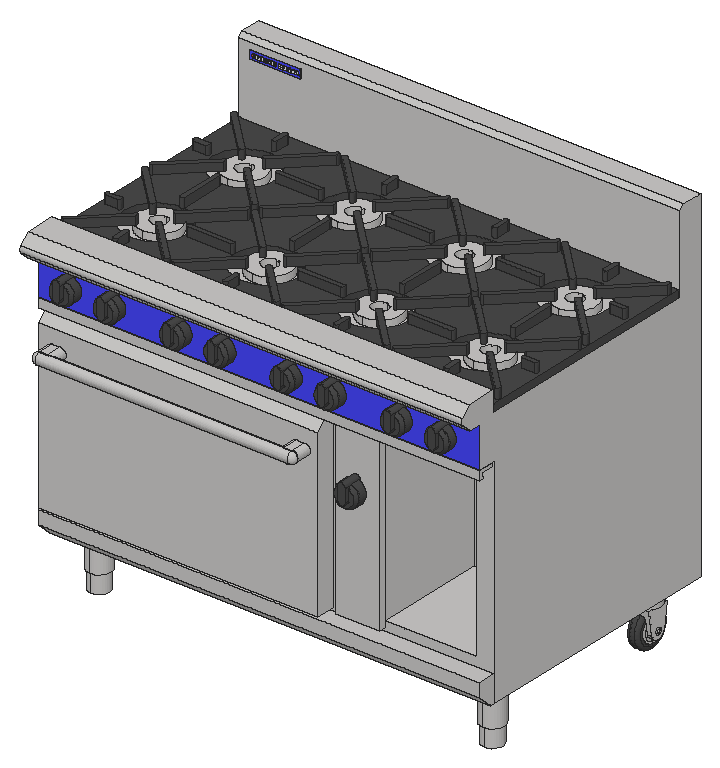
Revit family "QF_MOFFAT_BLUESEAL_CE_G58D", category Specialty Equipment, Revit 2012
Parameters
  Width = 1200 mm
  Weight in Pounds = 584
  Watts = 130 W
  Volts = 230 V
  URL Cutsheet = "www.moffat.com"
  URL = "www.moffat.com"
  Type Mark [instance] = ""
  Status [instance] = ""
  Specification by User [instance] = ""
  Specification by Manufacturer = ""
  Show Logo [instance] = yes
  Show Clearance [instance] = yes
  Show Casters [instance] = yes
  Serial Number = ""
  Seismic Rating = ""
  SMACNA No = ""
  Revision Code [instance] = ""
  Phase = 1
  Omniclass Number and Title = ""
  Number of Poles [instance] = 1
  NAFEM Spec ID Number = ""
  Model = "G58D"
  Min Ckt Ampacity = 0 A
  Mechanical Remarks = ""
  Mechanical Connection Type [instance] = ""
  Max Overcurrent Protection = 0 A
  Masterspec = ""
  Manufacturer = "MOFFAT BLUESEAL"
  Legs [instance] = not(Show Casters)  # no
  Item Number [instance] = ""
  Installed By [instance] = ""
  Identify Quantity as Lot [instance] = yes
  Height = 970 mm
  HP = ""
  Gas Size = 3/4"
  Gas RI Height [instance] = 0 mm
  Gas KW = 70.5
  Gas Input = 240745.0 Btu/h
  Gas Connection Height = 0 mm
  Furnished By [instance] = ""
  Foodservice Equipment Identifier [instance] = yes
  FL Amps = 0.6 A
  Electrical Remarks = ""
  Electric Connection Type = ""
  Elec Conn RI Height = 0 mm
  Elec Conn Connection Height = 0 mm
  Description = "1200MM GAS RANGE WITH CONVECTION OVEN"
  Depth = 812 mm
  Cycle = 60 Hz
  Conn Plug = ""
  Conn Conduit = yes
  CSI MasterFormat = ""
  CSI Master Format = ""
  Body Finish = QF_Finishes_Stainless Steel
  Apparent Power = 0 VA
Reference planes
  plane 1 "BACK": y = 0
  plane 2: z = 0
  plane 3 "LEFT": x = 0
  plane 4 "RIGHT": x = 1200
  plane 5 "FRONT": y = -812
  plane 6 "TOP": z = 970
  plane 7 "Center Y": x = 600
  plane 8 "Center X": y = -406
  plane 9: x = 280
  plane 10: y = -574.272
  plane 11: x = 60
  plane 12: y = -304.972
  plane 13: y = -364.972
  plane 14: x = 74
  plane 15: y = -812
  plane 16: x = 1134.5
  plane 17: y = -32
  plane 18: z = 655
  plane 19: x = 65.5
  plane 20: x = 65.8
  plane 21: z = 1085
  plane 22: y = -705
  plane 23: y = -100
Forms (mm)
  Extrusion 1, solid, material "QF_Finishes_Stainless Steel" <- "Body Finish"
    sketch origin (0, 0, 0) x (0, 1, 0) y (0, 0, 1)
      loop
        line (0, 150) -> (0, 1085) -> (-57.5, 1085) -> (-70, 1072.5) -> (-70, 861.8) -> (-705, 861.8) -> (-705, 915) -> (-783.97, 915) -> (-808.49, 890.48)
        arc (-808.49, 890.48) -> (-812.002, 882) -> (-808.49, 873.52) r 11.993
        line (-808.49, 873.52) -> (-784.97, 850) -> (-749, 850) -> (-749, 740) -> (-699, 740) -> (-699, 150) -> (0, 150)
      loop
        line (-749, 222.5) -> (-749, 186) -> (-713, 150) -> (-703.2, 150) -> (-703.2, 222.5) -> (-749, 222.5)
      loop
        line (-749, 713.781) -> (-740.224, 713.781) -> (-742.613, 730.781) -> (-707.93, 730.781) -> (-707.93, 737.784) -> (-749, 737.784) -> (-749, 713.781)
    from 0 to 1200
  Extrusion 2, solid, material "QF_Finishes_Stainless Steel"
    sketch origin (0, 7, 0) x (0, 1, 0) y (0, 0, 1)
      loop
        line (-706, 700) -> (-732, 700) -> (-756, 676) -> (-756, 227.5) -> (-706, 227.5) -> (-706, 700)
    from 0 to 760
  Extrusion 3, solid, material "QF_Finishes_Stainless Steel"
    sketch origin (723.5, 7, 0) x (0, 1, 0) y (0, 0, 1)
      loop
        line (-706, 700) -> (-721, 700) -> (-721, 227.5) -> (-706, 227.5) -> (-706, 700)
    from 56.898 to 176.5
  Revolve 4, solid, material "QF_Finishes_Stainless Steel" <- "Body Finish"
    sketch origin (1134.5, -696.126, 0) x (0, 1, 0) y (0, 0, -1)
      loop
        line (39.376, -150) -> (71.126, -150) -> (71.126, 0) -> (43.626, 0) -> (43.626, -50) -> (39.376, -50) -> (39.376, -150)
      axis (71.126, -150) -> (71.126, 0)
    angle from 0 to 360
  Revolve 5, solid, material "QF_Finishes_Stainless Steel" <- "Body Finish"
    sketch origin (65.5, -696.126, 0) x (0, 1, 0) y (0, 0, 1)
      loop
        line (39.376, 150) -> (39.376, 50) -> (43.626, 50) -> (43.626, 0) -> (71.126, 0) -> (71.126, 150) -> (39.376, 150)
      axis (71.126, 150) -> (71.126, 0)
    angle from 0 to 360
  Extrusion 6, solid, material "QF_Finishes_Stainless Steel"
    sketch origin (-64.5, 0, 325) x (1, 0, 0) y (0, 1, 0)
      loop
        circle (1134.5, -32) r 10
    from 330 to 374.856
  Extrusion 7, void
    sketch origin (0, -699, 150) x (0, 0, -1) y (-1, 0, 0)
      loop
        line (-529.781, -900) -> (-529.781, -1150) -> (-96, -1150) -> (-96, -900) -> (-529.781, -900)
    from 0 to 304.8
  Extrusion 8, solid, material "QF_Finishes_Black"
    sketch origin (0, -70, 861.8) x (0, -1, 0) y (1, 0, 0)
      loop
        arc (1, 4) -> (1.879, 1.879) -> (4, 1) r 3
        line (4, 1) -> (632, 1)
        arc (632, 1) -> (634.121, 1.879) -> (635, 4) r 3
        line (635, 4) -> (635, 1197)
        arc (635, 1197) -> (634.121, 1199.121) -> (632, 1200) r 3
        line (632, 1200) -> (4, 1200)
        arc (4, 1200) -> (1.879, 1199.121) -> (1, 1197) r 3
        line (1, 1197) -> (1, 4)
      loop
        circle (167.5, 150) r 85
      loop
        circle (167.5, 450) r 85
      loop
        circle (467.768, 150) r 85
      loop
        circle (467.768, 450) r 85
      loop
        circle (167.5, 750) r 85
      loop
        circle (467.768, 750) r 85
      loop
        circle (167.5, 1050) r 85
      loop
        circle (467.768, 1050) r 85
    from 0 to 19.5
  Extrusion 9, solid, material "QF_Finishes_Black"
    sketch origin (0, -70, 881.3) x (0, -1, 0) y (1, 0, 0)
      loop
        spline (327.102, 15.153) -> (326.181, 13.924) -> (325.631, 12.47) -> (325.49, 10.89) -> (325.767, 9.292) -> (326.443, 7.786) -> (327.473, 6.473) -> (328.786, 5.443) -> (330.292, 4.767) -> (331.89, 4.49) -> (333.47, 4.631) -> (334.924, 5.181) -> (336.153, 6.102)
        line (336.153, 6.102) -> (444.076, 114.025)
        spline (444.076, 114.025) -> (444.837, 115.095) -> (445.238, 116.399) -> (445.251, 117.851) -> (444.875, 119.35) -> (444.137, 120.795) -> (443.086, 122.086) -> (441.795, 123.137) -> (440.35, 123.875) -> (438.851, 124.251) -> (437.399, 124.238) -> (436.095, 123.837) -> (435.025, 123.076)
        line (435.025, 123.076) -> (327.102, 15.153)
      loop
        line (611.398, 15.153) -> (503.475, 123.076)
        spline (503.475, 123.076) -> (502.405, 123.837) -> (501.101, 124.238) -> (499.649, 124.251) -> (498.15, 123.875) -> (496.705, 123.137) -> (495.414, 122.086) -> (494.363, 120.795) -> (493.625, 119.35) -> (493.249, 117.851) -> (493.262, 116.399) -> (493.663, 115.095) -> (494.424, 114.025)
        line (494.424, 114.025) -> (602.347, 6.102)
        spline (602.347, 6.102) -> (603.416, 5.341) -> (604.721, 4.941) -> (606.172, 4.928) -> (607.671, 5.303) -> (609.116, 6.041) -> (610.408, 7.092) -> (611.459, 8.384) -> (612.197, 9.829) -> (612.572, 11.328) -> (612.559, 12.779) -> (612.159, 14.084) -> (611.398, 15.153)
      loop
        spline (379.102, 143.6) -> (380.396, 143.818) -> (381.602, 144.457) -> (382.638, 145.475) -> (383.432, 146.8) -> (383.932, 148.344) -> (384.102, 150) -> (383.932, 151.656) -> (383.432, 153.2) -> (382.638, 154.525) -> (381.602, 155.543) -> (380.396, 156.182) -> (379.102, 156.4)
        line (379.102, 156.4) -> (259.398, 156.4)
        spline (259.398, 156.4) -> (258.104, 156.182) -> (256.898, 155.543) -> (255.862, 154.525) -> (255.068, 153.2) -> (254.568, 151.656) -> (254.398, 150) -> (254.568, 148.344) -> (255.068, 146.8) -> (255.862, 145.475) -> (256.898, 144.457) -> (258.104, 143.818) -> (259.398, 143.6)
        line (259.398, 143.6) -> (379.102, 143.6)
      loop
        spline (23.602, 15.153) -> (22.681, 13.924) -> (22.131, 12.47) -> (21.99, 10.89) -> (22.267, 9.292) -> (22.943, 7.786) -> (23.973, 6.473) -> (25.286, 5.443) -> (26.792, 4.767) -> (28.39, 4.49) -> (29.97, 4.631) -> (31.424, 5.181) -> (32.653, 6.102)
        line (32.653, 6.102) -> (140.576, 114.025)
        spline (140.576, 114.025) -> (141.337, 115.095) -> (141.738, 116.399) -> (141.751, 117.851) -> (141.375, 119.35) -> (140.637, 120.795) -> (139.586, 122.086) -> (138.295, 123.137) -> (136.85, 123.875) -> (135.351, 124.251) -> (133.899, 124.238) -> (132.595, 123.837) -> (131.525, 123.076)
        line (131.525, 123.076) -> (23.602, 15.153)
      loop
        line (311.398, 15.153) -> (203.475, 123.076)
        spline (203.475, 123.076) -> (202.405, 123.837) -> (201.101, 124.238) -> (199.649, 124.251) -> (198.15, 123.875) -> (196.705, 123.137) -> (195.414, 122.086) -> (194.363, 120.795) -> (193.625, 119.35) -> (193.249, 117.851) -> (193.262, 116.399) -> (193.663, 115.095) -> (194.424, 114.025)
        line (194.424, 114.025) -> (302.347, 6.102)
        spline (302.347, 6.102) -> (303.416, 5.341) -> (304.721, 4.941) -> (306.172, 4.928) -> (307.671, 5.303) -> (309.116, 6.041) -> (310.408, 7.092) -> (311.459, 8.384) -> (312.197, 9.829) -> (312.572, 11.328) -> (312.559, 12.779) -> (312.159, 14.084) -> (311.398, 15.153)
      loop
        line (327.102, 284.847) -> (435.025, 176.924)
        spline (435.025, 176.924) -> (436.095, 176.163) -> (437.399, 175.762) -> (438.851, 175.749) -> (440.35, 176.125) -> (441.795, 176.863) -> (443.086, 177.914) -> (444.137, 179.205) -> (444.875, 180.65) -> (445.251, 182.149) -> (445.238, 183.601) -> (444.837, 184.905) -> (444.076, 185.975)
        line (444.076, 185.975) -> (336.153, 293.898)
        spline (336.153, 293.898) -> (334.924, 294.819) -> (333.47, 295.369) -> (331.89, 295.51) -> (330.292, 295.233) -> (328.786, 294.557) -> (327.473, 293.527) -> (326.443, 292.214) -> (325.767, 290.708) -> (325.49, 289.11) -> (325.631, 287.53) -> (326.181, 286.076) -> (327.102, 284.847)
      loop
        spline (611.398, 284.847) -> (612.159, 285.916) -> (612.559, 287.221) -> (612.572, 288.672) -> (612.197, 290.171) -> (611.459, 291.616) -> (610.408, 292.908) -> (609.116, 293.959) -> (607.671, 294.697) -> (606.172, 295.072) -> (604.721, 295.059) -> (603.416, 294.659) -> (602.347, 293.898)
        line (602.347, 293.898) -> (494.424, 185.975)
        spline (494.424, 185.975) -> (493.663, 184.905) -> (493.262, 183.601) -> (493.249, 182.149) -> (493.625, 180.65) -> (494.363, 179.205) -> (495.414, 177.914) -> (496.705, 176.863) -> (498.15, 176.125) -> (499.649, 175.749) -> (501.101, 175.762) -> (502.405, 176.163) -> (503.475, 176.924)
        line (503.475, 176.924) -> (611.398, 284.847)
      loop
        spline (461.1, 241.898) -> (461.318, 240.604) -> (461.957, 239.398) -> (462.975, 238.362) -> (464.3, 237.568) -> (465.844, 237.068) -> (467.5, 236.898) -> (469.156, 237.068) -> (470.7, 237.568) -> (472.025, 238.362) -> (473.043, 239.398) -> (473.682, 240.604) -> (473.9, 241.898)
        line (473.9, 241.898) -> (473.9, 358.102)
        spline (473.9, 358.102) -> (473.682, 359.396) -> (473.043, 360.602) -> (472.025, 361.638) -> (470.7, 362.432) -> (469.156, 362.932) -> (467.5, 363.102) -> (465.844, 362.932) -> (464.3, 362.432) -> (462.975, 361.638) -> (461.957, 360.602) -> (461.318, 359.396) -> (461.1, 358.102)
        line (461.1, 358.102) -> (461.1, 241.898)
      loop
        line (23.602, 284.847) -> (131.525, 176.924)
        spline (131.525, 176.924) -> (132.595, 176.163) -> (133.899, 175.762) -> (135.351, 175.749) -> (136.85, 176.125) -> (138.295, 176.863) -> (139.586, 177.914) -> (140.637, 179.205) -> (141.375, 180.65) -> (141.751, 182.149) -> (141.738, 183.601) -> (141.337, 184.905) -> (140.576, 185.975)
        line (140.576, 185.975) -> (32.653, 293.898)
        spline (32.653, 293.898) -> (31.424, 294.819) -> (29.97, 295.369) -> (28.39, 295.51) -> (26.792, 295.233) -> (25.286, 294.557) -> (23.973, 293.527) -> (22.943, 292.214) -> (22.267, 290.708) -> (21.99, 289.11) -> (22.131, 287.53) -> (22.681, 286.076) -> (23.602, 284.847)
      loop
        spline (311.398, 284.847) -> (312.159, 285.916) -> (312.559, 287.221) -> (312.572, 288.672) -> (312.197, 290.171) -> (311.459, 291.616) -> (310.408, 292.908) -> (309.116, 293.959) -> (307.671, 294.697) -> (306.172, 295.072) -> (304.721, 295.059) -> (303.416, 294.659) -> (302.347, 293.898)
        line (302.347, 293.898) -> (194.424, 185.975)
        spline (194.424, 185.975) -> (193.663, 184.905) -> (193.262, 183.601) -> (193.249, 182.149) -> (193.625, 180.65) -> (194.363, 179.205) -> (195.414, 177.914) -> (196.705, 176.863) -> (198.15, 176.125) -> (199.649, 175.749) -> (201.101, 175.762) -> (202.405, 176.163) -> (203.475, 176.924)
        line (203.475, 176.924) -> (311.398, 284.847)
      loop
        spline (161.1, 241.898) -> (161.318, 240.604) -> (161.957, 239.398) -> (162.975, 238.362) -> (164.3, 237.568) -> (165.844, 237.068) -> (167.5, 236.898) -> (169.156, 237.068) -> (170.7, 237.568) -> (172.025, 238.362) -> (173.043, 239.398) -> (173.682, 240.604) -> (173.9, 241.898)
        line (173.9, 241.898) -> (173.9, 358.102)
        spline (173.9, 358.102) -> (173.682, 359.396) -> (173.043, 360.602) -> (172.025, 361.638) -> (170.7, 362.432) -> (169.156, 362.932) -> (167.5, 363.102) -> (165.844, 362.932) -> (164.3, 362.432) -> (162.975, 361.638) -> (161.957, 360.602) -> (161.318, 359.396) -> (161.1, 358.102)
        line (161.1, 358.102) -> (161.1, 241.898)
      loop
        line (379.102, 456.4) -> (259.398, 456.4)
        spline (259.398, 456.4) -> (258.104, 456.182) -> (256.898, 455.543) -> (255.862, 454.525) -> (255.068, 453.2) -> (254.568, 451.656) -> (254.398, 450) -> (254.568, 448.344) -> (255.068, 446.8) -> (255.862, 445.475) -> (256.898, 444.457) -> (258.104, 443.818) -> (259.398, 443.6)
        line (259.398, 443.6) -> (379.102, 443.6)
        spline (379.102, 443.6) -> (380.396, 443.818) -> (381.602, 444.457) -> (382.638, 445.475) -> (383.432, 446.8) -> (383.932, 448.344) -> (384.102, 450) -> (383.932, 451.656) -> (383.432, 453.2) -> (382.638, 454.525) -> (381.602, 455.543) -> (380.396, 456.182) -> (379.102, 456.4)
      loop
        spline (327.102, 315.153) -> (326.181, 313.924) -> (325.631, 312.47) -> (325.49, 310.89) -> (325.767, 309.292) -> (326.443, 307.786) -> (327.473, 306.473) -> (328.786, 305.443) -> (330.292, 304.767) -> (331.89, 304.49) -> (333.47, 304.631) -> (334.924, 305.181) -> (336.153, 306.102)
        line (336.153, 306.102) -> (444.076, 414.025)
        spline (444.076, 414.025) -> (444.837, 415.095) -> (445.238, 416.399) -> (445.251, 417.851) -> (444.875, 419.35) -> (444.137, 420.795) -> (443.086, 422.086) -> (441.795, 423.137) -> (440.35, 423.875) -> (438.851, 424.251) -> (437.399, 424.238) -> (436.095, 423.837) -> (435.025, 423.076)
        line (435.025, 423.076) -> (327.102, 315.153)
      loop
        line (611.398, 315.153) -> (503.475, 423.076)
        spline (503.475, 423.076) -> (502.405, 423.837) -> (501.101, 424.238) -> (499.649, 424.251) -> (498.15, 423.875) -> (496.705, 423.137) -> (495.414, 422.086) -> (494.363, 420.795) -> (493.625, 419.35) -> (493.249, 417.851) -> (493.262, 416.399) -> (493.663, 415.095) -> (494.424, 414.025)
        line (494.424, 414.025) -> (602.347, 306.102)
        spline (602.347, 306.102) -> (603.416, 305.341) -> (604.721, 304.941) -> (606.172, 304.928) -> (607.671, 305.303) -> (609.116, 306.041) -> (610.408, 307.092) -> (611.459, 308.384) -> (612.197, 309.829) -> (612.572, 311.328) -> (612.559, 312.779) -> (612.159, 314.084) -> (611.398, 315.153)
      loop
        spline (23.602, 315.153) -> (22.681, 313.924) -> (22.131, 312.47) -> (21.99, 310.89) -> (22.267, 309.292) -> (22.943, 307.786) -> (23.973, 306.473) -> (25.286, 305.443) -> (26.792, 304.767) -> (28.39, 304.49) -> (29.97, 304.631) -> (31.424, 305.181) -> (32.653, 306.102)
        line (32.653, 306.102) -> (140.576, 414.025)
        spline (140.576, 414.025) -> (141.337, 415.095) -> (141.738, 416.399) -> (141.751, 417.851) -> (141.375, 419.35) -> (140.637, 420.795) -> (139.586, 422.086) -> (138.295, 423.137) -> (136.85, 423.875) -> (135.351, 424.251) -> (133.899, 424.238) -> (132.595, 423.837) -> (131.525, 423.076)
        line (131.525, 423.076) -> (23.602, 315.153)
      loop
        line (311.398, 315.153) -> (203.475, 423.076)
        spline (203.475, 423.076) -> (202.405, 423.837) -> (201.101, 424.238) -> (199.649, 424.251) -> (198.15, 423.875) -> (196.705, 423.137) -> (195.414, 422.086) -> (194.363, 420.795) -> (193.625, 419.35) -> (193.249, 417.851) -> (193.262, 416.399) -> (193.663, 415.095) -> (194.424, 414.025)
        line (194.424, 414.025) -> (302.347, 306.102)
        spline (302.347, 306.102) -> (303.416, 305.341) -> (304.721, 304.941) -> (306.172, 304.928) -> (307.671, 305.303) -> (309.116, 306.041) -> (310.408, 307.092) -> (311.459, 308.384) -> (312.197, 309.829) -> (312.572, 311.328) -> (312.559, 312.779) -> (312.159, 314.084) -> (311.398, 315.153)
      loop
        line (327.102, 584.847) -> (435.025, 476.924)
        spline (435.025, 476.924) -> (436.095, 476.163) -> (437.399, 475.762) -> (438.851, 475.749) -> (440.35, 476.125) -> (441.795, 476.863) -> (443.086, 477.914) -> (444.137, 479.205) -> (444.875, 480.65) -> (445.251, 482.149) -> (445.238, 483.601) -> (444.837, 484.905) -> (444.076, 485.975)
        line (444.076, 485.975) -> (336.153, 593.898)
        spline (336.153, 593.898) -> (334.924, 594.819) -> (333.47, 595.369) -> (331.89, 595.51) -> (330.292, 595.233) -> (328.786, 594.557) -> (327.473, 593.527) -> (326.443, 592.214) -> (325.767, 590.708) -> (325.49, 589.11) -> (325.631, 587.53) -> (326.181, 586.076) -> (327.102, 584.847)
      loop
        spline (611.398, 584.847) -> (612.159, 585.916) -> (612.559, 587.221) -> (612.572, 588.672) -> (612.197, 590.171) -> (611.459, 591.616) -> (610.408, 592.908) -> (609.116, 593.959) -> (607.671, 594.697) -> (606.172, 595.072) -> (604.721, 595.059) -> (603.416, 594.659) -> (602.347, 593.898)
        line (602.347, 593.898) -> (494.424, 485.975)
        spline (494.424, 485.975) -> (493.663, 484.905) -> (493.262, 483.601) -> (493.249, 482.149) -> (493.625, 480.65) -> (494.363, 479.205) -> (495.414, 477.914) -> (496.705, 476.863) -> (498.15, 476.125) -> (499.649, 475.749) -> (501.101, 475.762) -> (502.405, 476.163) -> (503.475, 476.924)
        line (503.475, 476.924) -> (611.398, 584.847)
      loop
        line (23.602, 584.847) -> (131.525, 476.924)
        spline (131.525, 476.924) -> (132.595, 476.163) -> (133.899, 475.762) -> (135.351, 475.749) -> (136.85, 476.125) -> (138.295, 476.863) -> (139.586, 477.914) -> (140.637, 479.205) -> (141.375, 480.65) -> (141.751, 482.149) -> (141.738, 483.601) -> (141.337, 484.905) -> (140.576, 485.975)
        line (140.576, 485.975) -> (32.653, 593.898)
        spline (32.653, 593.898) -> (31.424, 594.819) -> (29.97, 595.369) -> (28.39, 595.51) -> (26.792, 595.233) -> (25.286, 594.557) -> (23.973, 593.527) -> (22.943, 592.214) -> (22.267, 590.708) -> (21.99, 589.11) -> (22.131, 587.53) -> (22.681, 586.076) -> (23.602, 584.847)
      loop
        spline (311.398, 584.847) -> (312.159, 585.916) -> (312.559, 587.221) -> (312.572, 588.672) -> (312.197, 590.171) -> (311.459, 591.616) -> (310.408, 592.908) -> (309.116, 593.959) -> (307.671, 594.697) -> (306.172, 595.072) -> (304.721, 595.059) -> (303.416, 594.659) -> (302.347, 593.898)
        line (302.347, 593.898) -> (194.424, 485.975)
        spline (194.424, 485.975) -> (193.663, 484.905) -> (193.262, 483.601) -> (193.249, 482.149) -> (193.625, 480.65) -> (194.363, 479.205) -> (195.414, 477.914) -> (196.705, 476.863) -> (198.15, 476.125) -> (199.649, 475.749) -> (201.101, 475.762) -> (202.405, 476.163) -> (203.475, 476.924)
        line (203.475, 476.924) -> (311.398, 584.847)
      loop
        spline (461.1, 541.898) -> (461.318, 540.604) -> (461.957, 539.398) -> (462.975, 538.362) -> (464.3, 537.568) -> (465.844, 537.068) -> (467.5, 536.898) -> (469.156, 537.068) -> (470.7, 537.568) -> (472.025, 538.362) -> (473.043, 539.398) -> (473.682, 540.604) -> (473.9, 541.898)
        line (473.9, 541.898) -> (473.9, 658.102)
        spline (473.9, 658.102) -> (473.682, 659.396) -> (473.043, 660.602) -> (472.025, 661.638) -> (470.7, 662.432) -> (469.156, 662.932) -> (467.5, 663.102) -> (465.844, 662.932) -> (464.3, 662.432) -> (462.975, 661.638) -> (461.957, 660.602) -> (461.318, 659.396) -> (461.1, 658.102)
        line (461.1, 658.102) -> (461.1, 541.898)
      loop
        spline (161.1, 541.898) -> (161.318, 540.604) -> (161.957, 539.398) -> (162.975, 538.362) -> (164.3, 537.568) -> (165.844, 537.068) -> (167.5, 536.898) -> (169.156, 537.068) -> (170.7, 537.568) -> (172.025, 538.362) -> (173.043, 539.398) -> (173.682, 540.604) -> (173.9, 541.898)
        line (173.9, 541.898) -> (173.9, 658.102)
        spline (173.9, 658.102) -> (173.682, 659.396) -> (173.043, 660.602) -> (172.025, 661.638) -> (170.7, 662.432) -> (169.156, 662.932) -> (167.5, 663.102) -> (165.844, 662.932) -> (164.3, 662.432) -> (162.975, 661.638) -> (161.957, 660.602) -> (161.318, 659.396) -> (161.1, 658.102)
        line (161.1, 658.102) -> (161.1, 541.898)
      loop
        line (379.102, 756.4) -> (259.398, 756.4)
        spline (259.398, 756.4) -> (258.104, 756.182) -> (256.898, 755.543) -> (255.862, 754.525) -> (255.068, 753.2) -> (254.568, 751.656) -> (254.398, 750) -> (254.568, 748.344) -> (255.068, 746.8) -> (255.862, 745.475) -> (256.898, 744.457) -> (258.104, 743.818) -> (259.398, 743.6)
        line (259.398, 743.6) -> (379.102, 743.6)
        spline (379.102, 743.6) -> (380.396, 743.818) -> (381.602, 744.457) -> (382.638, 745.475) -> (383.432, 746.8) -> (383.932, 748.344) -> (384.102, 750) -> (383.932, 751.656) -> (383.432, 753.2) -> (382.638, 754.525) -> (381.602, 755.543) -> (380.396, 756.182) -> (379.102, 756.4)
      loop
        spline (327.102, 615.153) -> (326.181, 613.924) -> (325.631, 612.47) -> (325.49, 610.89) -> (325.767, 609.292) -> (326.443, 607.786) -> (327.473, 606.473) -> (328.786, 605.443) -> (330.292, 604.767) -> (331.89, 604.49) -> (333.47, 604.631) -> (334.924, 605.181) -> (336.153, 606.102)
        line (336.153, 606.102) -> (444.076, 714.025)
        spline (444.076, 714.025) -> (444.837, 715.095) -> (445.238, 716.399) -> (445.251, 717.851) -> (444.875, 719.35) -> (444.137, 720.795) -> (443.086, 722.086) -> (441.795, 723.137) -> (440.35, 723.875) -> (438.851, 724.251) -> (437.399, 724.238) -> (436.095, 723.837) -> (435.025, 723.076)
        line (435.025, 723.076) -> (327.102, 615.153)
      loop
        line (611.398, 615.153) -> (503.475, 723.076)
        spline (503.475, 723.076) -> (502.405, 723.837) -> (501.101, 724.238) -> (499.649, 724.251) -> (498.15, 723.875) -> (496.705, 723.137) -> (495.414, 722.086) -> (494.363, 720.795) -> (493.625, 719.35) -> (493.249, 717.851) -> (493.262, 716.399) -> (493.663, 715.095) -> (494.424, 714.025)
        line (494.424, 714.025) -> (602.347, 606.102)
        spline (602.347, 606.102) -> (603.416, 605.341) -> (604.721, 604.941) -> (606.172, 604.928) -> (607.671, 605.303) -> (609.116, 606.041) -> (610.408, 607.092) -> (611.459, 608.384) -> (612.197, 609.829) -> (612.572, 611.328) -> (612.559, 612.779) -> (612.159, 614.084) -> (611.398, 615.153)
      loop
        spline (23.602, 615.153) -> (22.681, 613.924) -> (22.131, 612.47) -> (21.99, 610.89) -> (22.267, 609.292) -> (22.943, 607.786) -> (23.973, 606.473) -> (25.286, 605.443) -> (26.792, 604.767) -> (28.39, 604.49) -> (29.97, 604.631) -> (31.424, 605.181) -> (32.653, 606.102)
        line (32.653, 606.102) -> (140.576, 714.025)
        spline (140.576, 714.025) -> (141.337, 715.095) -> (141.738, 716.399) -> (141.751, 717.851) -> (141.375, 719.35) -> (140.637, 720.795) -> (139.586, 722.086) -> (138.295, 723.137) -> (136.85, 723.875) -> (135.351, 724.251) -> (133.899, 724.238) -> (132.595, 723.837) -> (131.525, 723.076)
        line (131.525, 723.076) -> (23.602, 615.153)
      loop
        line (311.398, 615.153) -> (203.475, 723.076)
        spline (203.475, 723.076) -> (202.405, 723.837) -> (201.101, 724.238) -> (199.649, 724.251) -> (198.15, 723.875) -> (196.705, 723.137) -> (195.414, 722.086) -> (194.363, 720.795) -> (193.625, 719.35) -> (193.249, 717.851) -> (193.262, 716.399) -> (193.663, 715.095) -> (194.424, 714.025)
        line (194.424, 714.025) -> (302.347, 606.102)
        spline (302.347, 606.102) -> (303.416, 605.341) -> (304.721, 604.941) -> (306.172, 604.928) -> (307.671, 605.303) -> (309.116, 606.041) -> (310.408, 607.092) -> (311.459, 608.384) -> (312.197, 609.829) -> (312.572, 611.328) -> (312.559, 612.779) -> (312.159, 614.084) -> (311.398, 615.153)
      loop
        line (327.102, 884.847) -> (435.025, 776.924)
        spline (435.025, 776.924) -> (436.095, 776.163) -> (437.399, 775.762) -> (438.851, 775.749) -> (440.35, 776.125) -> (441.795, 776.863) -> (443.086, 777.914) -> (444.137, 779.205) -> (444.875, 780.65) -> (445.251, 782.149) -> (445.238, 783.601) -> (444.837, 784.905) -> (444.076, 785.975)
        line (444.076, 785.975) -> (336.153, 893.898)
        spline (336.153, 893.898) -> (334.924, 894.819) -> (333.47, 895.369) -> (331.89, 895.51) -> (330.292, 895.233) -> (328.786, 894.557) -> (327.473, 893.527) -> (326.443, 892.214) -> (325.767, 890.708) -> (325.49, 889.11) -> (325.631, 887.53) -> (326.181, 886.076) -> (327.102, 884.847)
      loop
        spline (611.398, 884.847) -> (612.159, 885.916) -> (612.559, 887.221) -> (612.572, 888.672) -> (612.197, 890.171) -> (611.459, 891.616) -> (610.408, 892.908) -> (609.116, 893.959) -> (607.671, 894.697) -> (606.172, 895.072) -> (604.721, 895.059) -> (603.416, 894.659) -> (602.347, 893.898)
        line (602.347, 893.898) -> (494.424, 785.975)
        spline (494.424, 785.975) -> (493.663, 784.905) -> (493.262, 783.601) -> (493.249, 782.149) -> (493.625, 780.65) -> (494.363, 779.205) -> (495.414, 777.914) -> (496.705, 776.863) -> (498.15, 776.125) -> (499.649, 775.749) -> (501.101, 775.762) -> (502.405, 776.163) -> (503.475, 776.924)
        line (503.475, 776.924) -> (611.398, 884.847)
      loop
        line (23.602, 884.847) -> (131.525, 776.924)
        spline (131.525, 776.924) -> (132.595, 776.163) -> (133.899, 775.762) -> (135.351, 775.749) -> (136.85, 776.125) -> (138.295, 776.863) -> (139.586, 777.914) -> (140.637, 779.205) -> (141.375, 780.65) -> (141.751, 782.149) -> (141.738, 783.601) -> (141.337, 784.905) -> (140.576, 785.975)
        line (140.576, 785.975) -> (32.653, 893.898)
        spline (32.653, 893.898) -> (31.424, 894.819) -> (29.97, 895.369) -> (28.39, 895.51) -> (26.792, 895.233) -> (25.286, 894.557) -> (23.973, 893.527) -> (22.943, 892.214) -> (22.267, 890.708) -> (21.99, 889.11) -> (22.131, 887.53) -> (22.681, 886.076) -> (23.602, 884.847)
      loop
        spline (311.398, 884.847) -> (312.159, 885.916) -> (312.559, 887.221) -> (312.572, 888.672) -> (312.197, 890.171) -> (311.459, 891.616) -> (310.408, 892.908) -> (309.116, 893.959) -> (307.671, 894.697) -> (306.172, 895.072) -> (304.721, 895.059) -> (303.416, 894.659) -> (302.347, 893.898)
        line (302.347, 893.898) -> (194.424, 785.975)
        spline (194.424, 785.975) -> (193.663, 784.905) -> (193.262, 783.601) -> (193.249, 782.149) -> (193.625, 780.65) -> (194.363, 779.205) -> (195.414, 777.914) -> (196.705, 776.863) -> (198.15, 776.125) -> (199.649, 775.749) -> (201.101, 775.762) -> (202.405, 776.163) -> (203.475, 776.924)
        line (203.475, 776.924) -> (311.398, 884.847)
      loop
        line (327.102, 1184.847) -> (435.025, 1076.924)
        spline (435.025, 1076.924) -> (436.095, 1076.163) -> (437.399, 1075.762) -> (438.851, 1075.749) -> (440.35, 1076.125) -> (441.795, 1076.863) -> (443.086, 1077.914) -> (444.137, 1079.205) -> (444.875, 1080.65) -> (445.251, 1082.149) -> (445.238, 1083.601) -> (444.837, 1084.905) -> (444.076, 1085.975)
        line (444.076, 1085.975) -> (336.153, 1193.898)
        spline (336.153, 1193.898) -> (334.924, 1194.819) -> (333.47, 1195.369) -> (331.89, 1195.51) -> (330.292, 1195.233) -> (328.786, 1194.557) -> (327.473, 1193.527) -> (326.443, 1192.214) -> (325.767, 1190.708) -> (325.49, 1189.11) -> (325.631, 1187.53) -> (326.181, 1186.076) -> (327.102, 1184.847)
      loop
        spline (611.398, 1184.847) -> (612.159, 1185.916) -> (612.559, 1187.221) -> (612.572, 1188.672) -> (612.197, 1190.171) -> (611.459, 1191.616) -> (610.408, 1192.908) -> (609.116, 1193.959) -> (607.671, 1194.697) -> (606.172, 1195.072) -> (604.721, 1195.059) -> (603.416, 1194.659) -> (602.347, 1193.898)
        line (602.347, 1193.898) -> (494.424, 1085.975)
        spline (494.424, 1085.975) -> (493.663, 1084.905) -> (493.262, 1083.601) -> (493.249, 1082.149) -> (493.625, 1080.65) -> (494.363, 1079.205) -> (495.414, 1077.914) -> (496.705, 1076.863) -> (498.15, 1076.125) -> (499.649, 1075.749) -> (501.101, 1075.762) -> (502.405, 1076.163) -> (503.475, 1076.924)
        line (503.475, 1076.924) -> (611.398, 1184.847)
      loop
        line (379.102, 1056.4) -> (259.398, 1056.4)
        spline (259.398, 1056.4) -> (258.104, 1056.182) -> (256.898, 1055.543) -> (255.862, 1054.525) -> (255.068, 1053.2) -> (254.568, 1051.656) -> (254.398, 1050) -> (254.568, 1048.344) -> (255.068, 1046.8) -> (255.862, 1045.475) -> (256.898, 1044.457) -> (258.104, 1043.818) -> (259.398, 1043.6)
        line (259.398, 1043.6) -> (379.102, 1043.6)
        spline (379.102, 1043.6) -> (380.396, 1043.818) -> (381.602, 1044.457) -> (382.638, 1045.475) -> (383.432, 1046.8) -> (383.932, 1048.344) -> (384.102, 1050) -> (383.932, 1051.656) -> (383.432, 1053.2) -> (382.638, 1054.525) -> (381.602, 1055.543) -> (380.396, 1056.182) -> (379.102, 1056.4)
      loop
        line (23.602, 1184.847) -> (131.525, 1076.924)
        spline (131.525, 1076.924) -> (132.595, 1076.163) -> (133.899, 1075.762) -> (135.351, 1075.749) -> (136.85, 1076.125) -> (138.295, 1076.863) -> (139.586, 1077.914) -> (140.637, 1079.205) -> (141.375, 1080.65) -> (141.751, 1082.149) -> (141.738, 1083.601) -> (141.337, 1084.905) -> (140.576, 1085.975)
        line (140.576, 1085.975) -> (32.653, 1193.898)
        spline (32.653, 1193.898) -> (31.424, 1194.819) -> (29.97, 1195.369) -> (28.39, 1195.51) -> (26.792, 1195.233) -> (25.286, 1194.557) -> (23.973, 1193.527) -> (22.943, 1192.214) -> (22.267, 1190.708) -> (21.99, 1189.11) -> (22.131, 1187.53) -> (22.681, 1186.076) -> (23.602, 1184.847)
      loop
        spline (311.398, 1184.847) -> (312.159, 1185.916) -> (312.559, 1187.221) -> (312.572, 1188.672) -> (312.197, 1190.171) -> (311.459, 1191.616) -> (310.408, 1192.908) -> (309.116, 1193.959) -> (307.671, 1194.697) -> (306.172, 1195.072) -> (304.721, 1195.059) -> (303.416, 1194.659) -> (302.347, 1193.898)
        line (302.347, 1193.898) -> (194.424, 1085.975)
        spline (194.424, 1085.975) -> (193.663, 1084.905) -> (193.262, 1083.601) -> (193.249, 1082.149) -> (193.625, 1080.65) -> (194.363, 1079.205) -> (195.414, 1077.914) -> (196.705, 1076.863) -> (198.15, 1076.125) -> (199.649, 1075.749) -> (201.101, 1075.762) -> (202.405, 1076.163) -> (203.475, 1076.924)
        line (203.475, 1076.924) -> (311.398, 1184.847)
      loop
        spline (327.102, 915.153) -> (326.181, 913.924) -> (325.631, 912.47) -> (325.49, 910.89) -> (325.767, 909.292) -> (326.443, 907.786) -> (327.473, 906.473) -> (328.786, 905.443) -> (330.292, 904.767) -> (331.89, 904.49) -> (333.47, 904.631) -> (334.924, 905.181) -> (336.153, 906.102)
        line (336.153, 906.102) -> (444.076, 1014.025)
        spline (444.076, 1014.025) -> (444.837, 1015.095) -> (445.238, 1016.399) -> (445.251, 1017.851) -> (444.875, 1019.35) -> (444.137, 1020.795) -> (443.086, 1022.086) -> (441.795, 1023.137) -> (440.35, 1023.875) -> (438.851, 1024.251) -> (437.399, 1024.238) -> (436.095, 1023.837) -> (435.025, 1023.076)
        line (435.025, 1023.076) -> (327.102, 915.153)
      loop
        line (611.398, 915.153) -> (503.475, 1023.076)
        spline (503.475, 1023.076) -> (502.405, 1023.837) -> (501.101, 1024.238) -> (499.649, 1024.251) -> (498.15, 1023.875) -> (496.705, 1023.137) -> (495.414, 1022.086) -> (494.363, 1020.795) -> (493.625, 1019.35) -> (493.249, 1017.851) -> (493.262, 1016.399) -> (493.663, 1015.095) -> (494.424, 1014.025)
        line (494.424, 1014.025) -> (602.347, 906.102)
        spline (602.347, 906.102) -> (603.416, 905.341) -> (604.721, 904.941) -> (606.172, 904.928) -> (607.671, 905.303) -> (609.116, 906.041) -> (610.408, 907.092) -> (611.459, 908.384) -> (612.197, 909.829) -> (612.572, 911.328) -> (612.559, 912.779) -> (612.159, 914.084) -> (611.398, 915.153)
      loop
        spline (23.602, 915.153) -> (22.681, 913.924) -> (22.131, 912.47) -> (21.99, 910.89) -> (22.267, 909.292) -> (22.943, 907.786) -> (23.973, 906.473) -> (25.286, 905.443) -> (26.792, 904.767) -> (28.39, 904.49) -> (29.97, 904.631) -> (31.424, 905.181) -> (32.653, 906.102)
        line (32.653, 906.102) -> (140.576, 1014.025)
        spline (140.576, 1014.025) -> (141.337, 1015.095) -> (141.738, 1016.399) -> (141.751, 1017.851) -> (141.375, 1019.35) -> (140.637, 1020.795) -> (139.586, 1022.086) -> (138.295, 1023.137) -> (136.85, 1023.875) -> (135.351, 1024.251) -> (133.899, 1024.238) -> (132.595, 1023.837) -> (131.525, 1023.076)
        line (131.525, 1023.076) -> (23.602, 915.153)
      loop
        line (311.398, 915.153) -> (203.475, 1023.076)
        spline (203.475, 1023.076) -> (202.405, 1023.837) -> (201.101, 1024.238) -> (199.649, 1024.251) -> (198.15, 1023.875) -> (196.705, 1023.137) -> (195.414, 1022.086) -> (194.363, 1020.795) -> (193.625, 1019.35) -> (193.249, 1017.851) -> (193.262, 1016.399) -> (193.663, 1015.095) -> (194.424, 1014.025)
        line (194.424, 1014.025) -> (302.347, 906.102)
        spline (302.347, 906.102) -> (303.416, 905.341) -> (304.721, 904.941) -> (306.172, 904.928) -> (307.671, 905.303) -> (309.116, 906.041) -> (310.408, 907.092) -> (311.459, 908.384) -> (312.197, 909.829) -> (312.572, 911.328) -> (312.559, 912.779) -> (312.159, 914.084) -> (311.398, 915.153)
      loop
        line (461.1, 958.102) -> (461.1, 841.898)
        spline (461.1, 841.898) -> (461.318, 840.604) -> (461.957, 839.398) -> (462.975, 838.362) -> (464.3, 837.568) -> (465.844, 837.068) -> (467.5, 836.898) -> (469.156, 837.068) -> (470.7, 837.568) -> (472.025, 838.362) -> (473.043, 839.398) -> (473.682, 840.604) -> (473.9, 841.898)
        line (473.9, 841.898) -> (473.9, 958.102)
        spline (473.9, 958.102) -> (473.682, 959.396) -> (473.043, 960.602) -> (472.025, 961.638) -> (470.7, 962.432) -> (469.156, 962.932) -> (467.5, 963.102) -> (465.844, 962.932) -> (464.3, 962.432) -> (462.975, 961.638) -> (461.957, 960.602) -> (461.318, 959.396) -> (461.1, 958.102)
      loop
        line (161.1, 958.102) -> (161.1, 841.898)
        spline (161.1, 841.898) -> (161.318, 840.604) -> (161.957, 839.398) -> (162.975, 838.362) -> (164.3, 837.568) -> (165.844, 837.068) -> (167.5, 836.898) -> (169.156, 837.068) -> (170.7, 837.568) -> (172.025, 838.362) -> (173.043, 839.398) -> (173.682, 840.604) -> (173.9, 841.898)
        line (173.9, 841.898) -> (173.9, 958.102)
        spline (173.9, 958.102) -> (173.682, 959.396) -> (173.043, 960.602) -> (172.025, 961.638) -> (170.7, 962.432) -> (169.156, 962.932) -> (167.5, 963.102) -> (165.844, 962.932) -> (164.3, 962.432) -> (162.975, 961.638) -> (161.957, 960.602) -> (161.318, 959.396) -> (161.1, 958.102)
      loop
        spline (65.602, 143.6) -> (66.896, 143.818) -> (68.102, 144.457) -> (69.138, 145.475) -> (69.932, 146.8) -> (70.432, 148.344) -> (70.602, 150) -> (70.432, 151.656) -> (69.932, 153.2) -> (69.138, 154.525) -> (68.102, 155.543) -> (66.896, 156.182) -> (65.602, 156.4)
        line (65.602, 156.4) -> (29.398, 156.4)
        spline (29.398, 156.4) -> (28.104, 156.182) -> (26.898, 155.543) -> (25.862, 154.525) -> (25.068, 153.2) -> (24.568, 151.656) -> (24.398, 150) -> (24.568, 148.344) -> (25.068, 146.8) -> (25.862, 145.475) -> (26.898, 144.457) -> (28.104, 143.818) -> (29.398, 143.6)
        line (29.398, 143.6) -> (65.602, 143.6)
      loop
        spline (65.602, 443.6) -> (66.896, 443.818) -> (68.102, 444.457) -> (69.138, 445.475) -> (69.932, 446.8) -> (70.432, 448.344) -> (70.602, 450) -> (70.432, 451.656) -> (69.932, 453.2) -> (69.138, 454.525) -> (68.102, 455.543) -> (66.896, 456.182) -> (65.602, 456.4)
        line (65.602, 456.4) -> (29.398, 456.4)
        spline (29.398, 456.4) -> (28.104, 456.182) -> (26.898, 455.543) -> (25.862, 454.525) -> (25.068, 453.2) -> (24.568, 451.656) -> (24.398, 450) -> (24.568, 448.344) -> (25.068, 446.8) -> (25.862, 445.475) -> (26.898, 444.457) -> (28.104, 443.818) -> (29.398, 443.6)
        line (29.398, 443.6) -> (65.602, 443.6)
      loop
        spline (65.602, 743.6) -> (66.896, 743.818) -> (68.102, 744.457) -> (69.138, 745.475) -> (69.932, 746.8) -> (70.432, 748.344) -> (70.602, 750) -> (70.432, 751.656) -> (69.932, 753.2) -> (69.138, 754.525) -> (68.102, 755.543) -> (66.896, 756.182) -> (65.602, 756.4)
        line (65.602, 756.4) -> (29.398, 756.4)
        spline (29.398, 756.4) -> (28.104, 756.182) -> (26.898, 755.543) -> (25.862, 754.525) -> (25.068, 753.2) -> (24.568, 751.656) -> (24.398, 750) -> (24.568, 748.344) -> (25.068, 746.8) -> (25.862, 745.475) -> (26.898, 744.457) -> (28.104, 743.818) -> (29.398, 743.6)
        line (29.398, 743.6) -> (65.602, 743.6)
      loop
        spline (65.602, 1043.6) -> (66.896, 1043.818) -> (68.102, 1044.457) -> (69.138, 1045.475) -> (69.932, 1046.8) -> (70.432, 1048.344) -> (70.602, 1050) -> (70.432, 1051.656) -> (69.932, 1053.2) -> (69.138, 1054.525) -> (68.102, 1055.543) -> (66.896, 1056.182) -> (65.602, 1056.4)
        line (65.602, 1056.4) -> (29.398, 1056.4)
        spline (29.398, 1056.4) -> (28.104, 1056.182) -> (26.898, 1055.543) -> (25.862, 1054.525) -> (25.068, 1053.2) -> (24.568, 1051.656) -> (24.398, 1050) -> (24.568, 1048.344) -> (25.068, 1046.8) -> (25.862, 1045.475) -> (26.898, 1044.457) -> (28.104, 1043.818) -> (29.398, 1043.6)
        line (29.398, 1043.6) -> (65.602, 1043.6)
      loop
        spline (605.602, 143.6) -> (606.896, 143.818) -> (608.102, 144.457) -> (609.138, 145.475) -> (609.932, 146.8) -> (610.432, 148.344) -> (610.602, 150) -> (610.432, 151.656) -> (609.932, 153.2) -> (609.138, 154.525) -> (608.102, 155.543) -> (606.896, 156.182) -> (605.602, 156.4)
        line (605.602, 156.4) -> (569.398, 156.4)
        spline (569.398, 156.4) -> (568.104, 156.182) -> (566.898, 155.543) -> (565.862, 154.525) -> (565.068, 153.2) -> (564.568, 151.656) -> (564.398, 150) -> (564.568, 148.344) -> (565.068, 146.8) -> (565.862, 145.475) -> (566.898, 144.457) -> (568.104, 143.818) -> (569.398, 143.6)
        line (569.398, 143.6) -> (605.602, 143.6)
      loop
        spline (605.602, 443.6) -> (606.896, 443.818) -> (608.102, 444.457) -> (609.138, 445.475) -> (609.932, 446.8) -> (610.432, 448.344) -> (610.602, 450) -> (610.432, 451.656) -> (609.932, 453.2) -> (609.138, 454.525) -> (608.102, 455.543) -> (606.896, 456.182) -> (605.602, 456.4)
        line (605.602, 456.4) -> (569.398, 456.4)
        spline (569.398, 456.4) -> (568.104, 456.182) -> (566.898, 455.543) -> (565.862, 454.525) -> (565.068, 453.2) -> (564.568, 451.656) -> (564.398, 450) -> (564.568, 448.344) -> (565.068, 446.8) -> (565.862, 445.475) -> (566.898, 444.457) -> (568.104, 443.818) -> (569.398, 443.6)
        line (569.398, 443.6) -> (605.602, 443.6)
      loop
        spline (605.602, 743.6) -> (606.896, 743.818) -> (608.102, 744.457) -> (609.138, 745.475) -> (609.932, 746.8) -> (610.432, 748.344) -> (610.602, 750) -> (610.432, 751.656) -> (609.932, 753.2) -> (609.138, 754.525) -> (608.102, 755.543) -> (606.896, 756.182) -> (605.602, 756.4)
        line (605.602, 756.4) -> (569.398, 756.4)
        spline (569.398, 756.4) -> (568.104, 756.182) -> (566.898, 755.543) -> (565.862, 754.525) -> (565.068, 753.2) -> (564.568, 751.656) -> (564.398, 750) -> (564.568, 748.344) -> (565.068, 746.8) -> (565.862, 745.475) -> (566.898, 744.457) -> (568.104, 743.818) -> (569.398, 743.6)
        line (569.398, 743.6) -> (605.602, 743.6)
      loop
        spline (605.602, 1043.6) -> (606.896, 1043.818) -> (608.102, 1044.457) -> (609.138, 1045.475) -> (609.932, 1046.8) -> (610.432, 1048.344) -> (610.602, 1050) -> (610.432, 1051.656) -> (609.932, 1053.2) -> (609.138, 1054.525) -> (608.102, 1055.543) -> (606.896, 1056.182) -> (605.602, 1056.4)
        line (605.602, 1056.4) -> (569.398, 1056.4)
        spline (569.398, 1056.4) -> (568.104, 1056.182) -> (566.898, 1055.543) -> (565.862, 1054.525) -> (565.068, 1053.2) -> (564.568, 1051.656) -> (564.398, 1050) -> (564.568, 1048.344) -> (565.068, 1046.8) -> (565.862, 1045.475) -> (566.898, 1044.457) -> (568.104, 1043.818) -> (569.398, 1043.6)
        line (569.398, 1043.6) -> (605.602, 1043.6)
      loop
        line (460.626, 1184.352) -> (460.626, 1150.359)
        spline (460.626, 1150.359) -> (460.844, 1149.065) -> (461.483, 1147.859) -> (462.501, 1146.823) -> (463.826, 1146.029) -> (465.37, 1145.529) -> (467.026, 1145.359) -> (468.682, 1145.529) -> (470.226, 1146.029) -> (471.551, 1146.823) -> (472.569, 1147.859) -> (473.208, 1149.065) -> (473.426, 1150.359)
        line (473.426, 1150.359) -> (473.426, 1184.352)
        spline (473.426, 1184.352) -> (473.208, 1185.646) -> (472.569, 1186.852) -> (471.551, 1187.888) -> (470.226, 1188.682) -> (468.682, 1189.182) -> (467.026, 1189.352) -> (465.37, 1189.182) -> (463.826, 1188.682) -> (462.501, 1187.888) -> (461.483, 1186.852) -> (460.844, 1185.646) -> (460.626, 1184.352)
      loop
        line (160.11, 1184.352) -> (160.11, 1150.359)
        spline (160.11, 1150.359) -> (160.328, 1149.065) -> (160.967, 1147.859) -> (161.984, 1146.823) -> (163.31, 1146.029) -> (164.853, 1145.529) -> (166.51, 1145.359) -> (168.166, 1145.529) -> (169.71, 1146.029) -> (171.035, 1146.823) -> (172.052, 1147.859) -> (172.692, 1149.065) -> (172.91, 1150.359)
        line (172.91, 1150.359) -> (172.91, 1184.352)
        spline (172.91, 1184.352) -> (172.692, 1185.646) -> (172.052, 1186.852) -> (171.035, 1187.888) -> (169.71, 1188.682) -> (168.166, 1189.182) -> (166.51, 1189.352) -> (164.853, 1189.182) -> (163.31, 1188.682) -> (161.984, 1187.888) -> (160.967, 1186.852) -> (160.328, 1185.646) -> (160.11, 1184.352)
      loop
        line (460.626, 50.584) -> (460.626, 16.591)
        spline (460.626, 16.591) -> (460.844, 15.297) -> (461.483, 14.091) -> (462.501, 13.055) -> (463.826, 12.261) -> (465.37, 11.761) -> (467.026, 11.591) -> (468.682, 11.761) -> (470.226, 12.261) -> (471.551, 13.055) -> (472.569, 14.091) -> (473.208, 15.297) -> (473.426, 16.591)
        line (473.426, 16.591) -> (473.426, 50.584)
        spline (473.426, 50.584) -> (473.208, 51.878) -> (472.569, 53.084) -> (471.551, 54.119) -> (470.226, 54.914) -> (468.682, 55.413) -> (467.026, 55.584) -> (465.37, 55.413) -> (463.826, 54.914) -> (462.501, 54.119) -> (461.483, 53.084) -> (460.844, 51.878) -> (460.626, 50.584)
      loop
        line (160.11, 50.584) -> (160.11, 16.591)
        spline (160.11, 16.591) -> (160.328, 15.297) -> (160.967, 14.091) -> (161.984, 13.055) -> (163.31, 12.261) -> (164.853, 11.761) -> (166.51, 11.591) -> (168.166, 11.761) -> (169.71, 12.261) -> (171.035, 13.055) -> (172.052, 14.091) -> (172.692, 15.297) -> (172.91, 16.591)
        line (172.91, 16.591) -> (172.91, 50.584)
        spline (172.91, 50.584) -> (172.692, 51.878) -> (172.052, 53.084) -> (171.035, 54.119) -> (169.71, 54.914) -> (168.166, 55.413) -> (166.51, 55.584) -> (164.853, 55.413) -> (163.31, 54.914) -> (161.984, 54.119) -> (160.967, 53.084) -> (160.328, 51.878) -> (160.11, 50.584)
    from 0 to 23.5
  Revolve 10, solid, material "QF_Finishes_Black"
    sketch origin (810.601, 45.874, -0.118) x (0, 1, 0) y (0, 0, 1)
      loop
        line (-827.874, 829.5) -> (-838.874, 823.651) -> (-838.874, 797) -> (-794.874, 797) -> (-794.874, 802) -> (-804.874, 802) -> (-804.874, 829.5) -> (-827.874, 829.5)
      axis (-838.874, 797) -> (-794.874, 797)
    angle from 0 to 360
  Revolve 11, solid, material "QF_Finishes_Black"
    sketch origin (690.601, 45.874, -0.118) x (0, 1, 0) y (0, 0, 1)
      loop
        line (-827.874, 829.5) -> (-838.874, 823.651) -> (-838.874, 797) -> (-794.874, 797) -> (-794.874, 802) -> (-804.874, 802) -> (-804.874, 829.5) -> (-827.874, 829.5)
      axis (-838.874, 797) -> (-794.874, 797)
    angle from 0 to 360
  Revolve 12, solid, material "QF_Finishes_Black"
    sketch origin (90.649, 45.874, -0.118) x (0, 1, 0) y (0, 0, -1)
      loop
        line (-827.874, -829.5) -> (-804.874, -829.5) -> (-804.874, -802) -> (-794.874, -802) -> (-794.874, -797) -> (-838.874, -797) -> (-838.874, -823.651) -> (-827.874, -829.5)
      axis (-838.874, -797) -> (-794.874, -797)
    angle from 0 to 360
  Revolve 13, solid, material "QF_Finishes_Black"
    sketch origin (210.649, 45.874, -0.118) x (0, 1, 0) y (0, 0, -1)
      loop
        line (-827.874, -829.5) -> (-804.874, -829.5) -> (-804.874, -802) -> (-794.874, -802) -> (-794.874, -797) -> (-838.874, -797) -> (-838.874, -823.651) -> (-827.874, -829.5)
      axis (-838.874, -797) -> (-794.874, -797)
    angle from 0 to 360
  Revolve 14, solid, material "QF_Finishes_Black"
    sketch origin (390.625, 45.874, -0.118) x (0, 1, 0) y (0, 0, -1)
      loop
        line (-827.874, -829.5) -> (-804.874, -829.5) -> (-804.874, -802) -> (-794.874, -802) -> (-794.874, -797) -> (-838.874, -797) -> (-838.874, -823.651) -> (-827.874, -829.5)
      axis (-838.874, -797) -> (-794.874, -797)
    angle from 0 to 360
  Revolve 15, solid, material "QF_Finishes_Black"
    sketch origin (510.625, 45.874, -0.118) x (0, 1, 0) y (0, 0, -1)
      loop
        line (-827.874, -829.5) -> (-804.874, -829.5) -> (-804.874, -802) -> (-794.874, -802) -> (-794.874, -797) -> (-838.874, -797) -> (-838.874, -823.651) -> (-827.874, -829.5)
      axis (-838.874, -797) -> (-794.874, -797)
    angle from 0 to 360
  Revolve 16, solid, material "QF_Finishes_Black"
    sketch origin (1110.576, 45.874, -0.118) x (0, 1, 0) y (0, 0, 1)
      loop
        line (-827.874, 829.5) -> (-838.874, 823.651) -> (-838.874, 797) -> (-794.874, 797) -> (-794.874, 802) -> (-804.874, 802) -> (-804.874, 829.5) -> (-827.874, 829.5)
      axis (-838.874, 797) -> (-794.874, 797)
    angle from 0 to 360
  Revolve 17, solid, material "QF_Finishes_Black"
    sketch origin (990.576, 45.874, -0.118) x (0, 1, 0) y (0, 0, 1)
      loop
        line (-827.874, 829.5) -> (-838.874, 823.651) -> (-838.874, 797) -> (-794.874, 797) -> (-794.874, 802) -> (-804.874, 802) -> (-804.874, 829.5) -> (-827.874, 829.5)
      axis (-838.874, 797) -> (-794.874, 797)
    angle from 0 to 360
  Extrusion 18, solid, material "QF_Finishes_Black"
    sketch origin (238.456, 7, -0.118) x (-1, 0, 0) y (0, 0, -1)
      loop
        arc (158.3, -789) -> (148.3, -779) -> (138.3, -789) r 10
        line (138.3, -789) -> (138.3, -824)
        arc (138.3, -824) -> (148.3, -834) -> (158.3, -824) r 10
        line (158.3, -824) -> (158.3, -789)
    from 759 to 808
  Extrusion 19, solid, material "QF_Finishes_Black"
    sketch origin (358.456, 7, -0.118) x (-1, 0, 0) y (0, 0, -1)
      loop
        arc (158.3, -789) -> (148.3, -779) -> (138.3, -789) r 10
        line (138.3, -789) -> (138.3, -824)
        arc (138.3, -824) -> (148.3, -834) -> (158.3, -824) r 10
        line (158.3, -824) -> (158.3, -789)
    from 759 to 808
  Extrusion 20, solid, material "QF_Finishes_Black"
    sketch origin (538.432, 7, -0.118) x (-1, 0, 0) y (0, 0, -1)
      loop
        arc (158.3, -789) -> (148.3, -779) -> (138.3, -789) r 10
        line (138.3, -789) -> (138.3, -824)
        arc (138.3, -824) -> (148.3, -834) -> (158.3, -824) r 10
        line (158.3, -824) -> (158.3, -789)
    from 759 to 808
  Extrusion 21, solid, material "QF_Finishes_Black"
    sketch origin (658.432, 7, -0.118) x (-1, 0, 0) y (0, 0, -1)
      loop
        arc (158.3, -789) -> (148.3, -779) -> (138.3, -789) r 10
        line (138.3, -789) -> (138.3, -824)
        arc (138.3, -824) -> (148.3, -834) -> (158.3, -824) r 10
        line (158.3, -824) -> (158.3, -789)
    from 759 to 808
  Extrusion 22, solid, material "QF_Finishes_Black"
    sketch origin (838.408, 7, -0.118) x (-1, 0, 0) y (0, 0, -1)
      loop
        arc (158.3, -789) -> (148.3, -779) -> (138.3, -789) r 10
        line (138.3, -789) -> (138.3, -824)
        arc (138.3, -824) -> (148.3, -834) -> (158.3, -824) r 10
        line (158.3, -824) -> (158.3, -789)
    from 759 to 808
  Extrusion 23, solid, material "QF_Finishes_Black"
    sketch origin (958.408, 7, -0.118) x (-1, 0, 0) y (0, 0, -1)
      loop
        arc (158.3, -789) -> (148.3, -779) -> (138.3, -789) r 10
        line (138.3, -789) -> (138.3, -824)
        arc (138.3, -824) -> (148.3, -834) -> (158.3, -824) r 10
        line (158.3, -824) -> (158.3, -789)
    from 759 to 808
  Extrusion 24, solid, material "QF_Finishes_Black"
    sketch origin (1138.383, 7, -0.118) x (-1, 0, 0) y (0, 0, -1)
      loop
        arc (158.3, -789) -> (148.3, -779) -> (138.3, -789) r 10
        line (138.3, -789) -> (138.3, -824)
        arc (138.3, -824) -> (148.3, -834) -> (158.3, -824) r 10
        line (158.3, -824) -> (158.3, -789)
    from 759 to 808
  Extrusion 25, solid, material "QF_Finishes_Black"
    sketch origin (1258.383, 7, -0.118) x (-1, 0, 0) y (0, 0, -1)
      loop
        arc (158.3, -789) -> (148.3, -779) -> (138.3, -789) r 10
        line (138.3, -789) -> (138.3, -824)
        arc (138.3, -824) -> (148.3, -834) -> (158.3, -824) r 10
        line (158.3, -824) -> (158.3, -789)
    from 759 to 808
  Revolve 26, solid, material "QF_Finishes_Black"
    sketch origin (836.851, 81.374, -246.368) x (0, 1, 0) y (0, 0, 1)
      loop
        line (-827.874, 829.5) -> (-838.874, 823.651) -> (-838.874, 797) -> (-794.874, 797) -> (-794.874, 802) -> (-804.874, 802) -> (-804.874, 829.5) -> (-827.874, 829.5)
      axis (-838.874, 797) -> (-794.874, 797)
    angle from 0 to 360
  Extrusion 27, solid, material "QF_Finishes_Black"
    sketch origin (389.044, 42.5, -246.368) x (1, 0, 0) y (0, 0, 1)
      loop
        line (458.3, 789) -> (458.3, 824)
        arc (458.3, 824) -> (448.3, 834) -> (438.3, 824) r 10
        line (438.3, 824) -> (438.3, 789)
        arc (438.3, 789) -> (448.3, 779) -> (458.3, 789) r 10
    from 759 to 808
  Extrusion 28, solid, material "QF_Door-Drawer Clearances", visible <- "Show Clearance", detail levels coarse
    sketch origin (760, 7, 0) x (0, 1, 0) y (0, 0, 1)
      loop
        arc (-756, 697.347) -> (-1088.232, 559.732) -> (-1225.847, 227.5) r 469.847
        line (-1225.847, 227.5) -> (-756, 227.5) -> (-756, 697.347)
    from 0 to -760
  Extrusion 29, void
    sketch origin (0, 0, 150) x (-1, 0, 0) y (0, -1, 0)
      loop
        line (-1133.988, 87.26) -> (-1133.988, -30.24) -> (-1004.488, -30.24) -> (-1004.488, 38.76) -> (-1052.988, 87.26) -> (-1133.988, 87.26)
    from 72.5 to 549.856
  Extrusion 30, solid, material "QF_Finishes_Stainless Steel"
    sketch origin (0, -749, 227.5) x (0, 0, 1) y (-1, 0, 0)
      loop
        line (380.625, -38.246) -> (380.625, -58.528)
        arc (380.625, -58.528) -> (395.625, -73.528) -> (410.625, -58.528) r 15
        line (410.625, -58.528) -> (410.625, -38.246)
        arc (410.625, -38.246) -> (395.625, -23.246) -> (380.625, -38.246) r 15
      loop
        arc (380.625, -723.039) -> (395.625, -738.039) -> (410.625, -723.039) r 15
        line (410.625, -723.039) -> (410.625, -702.757)
        arc (410.625, -702.757) -> (395.625, -687.757) -> (380.625, -702.757) r 15
        line (380.625, -702.757) -> (380.625, -723.039)
    from 0 to 44
  Revolve 31, solid, material "QF_Finishes_Stainless Steel"
    sketch origin (0, -793, 0) x (1, 0, 0) y (0, 0, 1)
      loop
        arc (738.039, 623.125) -> (733.646, 633.732) -> (723.039, 638.125) r 15
        line (723.039, 638.125) -> (38.246, 638.125)
        arc (38.246, 638.125) -> (27.64, 633.732) -> (23.246, 623.125) r 15
        line (23.246, 623.125) -> (738.039, 623.125)
      axis (738.039, 623.125) -> (23.246, 623.125)
    angle from 0 to 360
  Extrusion 32, solid, material "QF_Finishes_Stainless Steel"
    sketch origin (0, -70, 861.8) x (0, -1, 0) y (1, 0, 0)
      loop
        circle (167.5, 450) r 57
      loop
        circle (456.5, 450) r 57
      loop
        circle (456.5, 150) r 57
      loop
        circle (167.5, 150) r 57
      loop
        circle (456.5, 750) r 57
      loop
        circle (167.5, 750) r 57
      loop
        circle (456.5, 1050) r 57
      loop
        circle (167.5, 1050) r 57
      loop
        circle (456.5, 150) r 22
      loop
        circle (456.5, 450) r 22
      loop
        circle (456.5, 750) r 22
      loop
        circle (456.5, 1050) r 22
      loop
        circle (167.5, 1050) r 22
      loop
        circle (167.5, 750) r 22
      loop
        circle (167.5, 450) r 22
      loop
        circle (167.5, 150) r 22
    from 0 to 19.5
  Extrusion 33, solid, material "QF_Finishes_Stainless Steel"
    sketch origin (0, 0, 0) x (1, 0, 0) y (0, 1, 0)
      loop
        circle (826, -501) r 6.35
    from 148.072 to 150
  Extrusion 34, solid, material "QF_Finishes_Stainless Steel", visible <- "Show Casters"
    sketch origin (71.501, 133.353, -8.783) x (0, 1, 0) y (0, 0, 1)
      loop
        line (-201.603, 118.783) -> (-265.103, 118.783) -> (-252.746, 53.895)
        arc (-252.746, 53.895) -> (-233.353, 38.783) -> (-213.959, 53.895) r 20
        line (-213.959, 53.895) -> (-201.603, 118.783)
    from -35.667 to 22.923
  Revolve 35, solid, material "QF_Finishes_Stainless Steel", visible <- "Show Casters"
    sketch origin (65, -203, 0) x (0, 1, 0) y (0, 0, 1)
      loop
        line (67.25, 150) -> (67.25, 110) -> (103, 110) -> (103, 150) -> (67.25, 150)
      axis (103, 150) -> (103, 110)
    angle from 0 to 360
  Revolve 36, solid, material "QF_Finishes_Stainless Steel", visible <- "Show Casters"
    sketch origin (1134.5, -203, 0) x (0, 1, 0) y (0, 0, -1)
      loop
        line (67.25, -150) -> (103, -150) -> (103, -110) -> (67.25, -110) -> (67.25, -150)
      axis (103, -150) -> (103, -110)
    angle from 0 to 360
  Revolve 37, solid, material "QF_Finishes_Stainless Steel", visible <- "Show Casters"
    sketch origin (1085.276, -99.755, -13.653) x (1, 0, 0) y (0, 0, 1)
      loop
        line (14.841, 64.453) -> (83.584, 64.453) -> (83.584, 67.958) -> (82.314, 69.228) -> (80.79, 69.228) -> (80.79, 72.674) -> (68.644, 72.674) -> (68.644, 82.639) -> (65.088, 84.692) -> (63.738, 93.028) -> (65.881, 93.028) -> (65.881, 99.378) -> (65.088, 99.378) -> (65.088, 105.728)
        arc (65.088, 105.728) -> (62.298, 112.463) -> (55.563, 115.253) r 9.525
        line (55.563, 115.253) -> (42.863, 115.253)
        arc (42.863, 115.253) -> (36.127, 112.463) -> (33.338, 105.728) r 9.525
        line (33.338, 105.728) -> (33.338, 99.378) -> (32.544, 99.378) -> (32.544, 93.028) -> (34.687, 93.028) -> (33.352, 84.781) -> (29.782, 82.719) -> (29.782, 72.674) -> (17.635, 72.674) -> (17.635, 69.228) -> (16.111, 69.228) -> (14.841, 67.958) -> (14.841, 64.453)
      axis (14.841, 64.453) -> (83.584, 64.453)
    angle from 0 to 360
  Extrusion 38, solid, material "QF_Finishes_Stainless Steel", visible <- "Show Casters"
    sketch origin (1141.001, 133.353, -8.783) x (0, 1, 0) y (0, 0, 1)
      loop
        line (-201.603, 118.783) -> (-265.103, 118.783) -> (-252.746, 53.895)
        arc (-252.746, 53.895) -> (-233.353, 38.783) -> (-213.959, 53.895) r 20
        line (-213.959, 53.895) -> (-201.603, 118.783)
    from -35.667 to 22.923
  Revolve 39, solid, material "QF_Finishes_Stainless Steel", visible <- "Legs"
    sketch origin (65, -165, 0) x (0, 1, 0) y (0, 0, 1)
      loop
        line (33.25, 150) -> (33.25, 50) -> (37.5, 50) -> (37.5, 0) -> (65, 0) -> (65, 150) -> (33.25, 150)
      axis (65, 150) -> (65, 0)
    angle from 0 to 360
  Revolve 40, solid, material "QF_Finishes_Stainless Steel", visible <- "Legs"
    sketch origin (1134.5, -165, 0) x (0, 1, 0) y (0, 0, -1)
      loop
        line (33.25, -150) -> (65, -150) -> (65, 0) -> (37.5, 0) -> (37.5, -50) -> (33.25, -50) -> (33.25, -150)
      axis (65, -150) -> (65, 0)
    angle from 0 to 360
  Revolve 41, solid, material "QF_Finishes_Stainless Steel", visible <- "Show Casters"
    sketch origin (114.224, -99.755, -13.653) x (-1, 0, 0) y (0, 0, -1)
      loop
        line (14.841, -64.453) -> (14.841, -67.958) -> (16.111, -69.228) -> (17.635, -69.228) -> (17.635, -72.674) -> (29.782, -72.674) -> (29.782, -82.719) -> (33.352, -84.781) -> (34.687, -93.028) -> (32.544, -93.028) -> (32.544, -99.378) -> (33.338, -99.378) -> (33.338, -105.728)
        arc (33.338, -105.728) -> (36.127, -112.463) -> (42.863, -115.253) r 9.525
        line (42.863, -115.253) -> (55.563, -115.253)
        arc (55.563, -115.253) -> (62.298, -112.463) -> (65.088, -105.728) r 9.525
        line (65.088, -105.728) -> (65.088, -99.378) -> (65.881, -99.378) -> (65.881, -93.028) -> (63.738, -93.028) -> (65.088, -84.692) -> (68.644, -82.639) -> (68.644, -72.674) -> (80.79, -72.674) -> (80.79, -69.228) -> (82.314, -69.228) -> (83.584, -67.958) -> (83.584, -64.453) -> (14.841, -64.453)
      axis (14.841, -64.453) -> (83.584, -64.453)
    angle from 0 to 360
Cuts and joins
  Extrusion 7, Extrusion 29 cuts Extrusion 1
